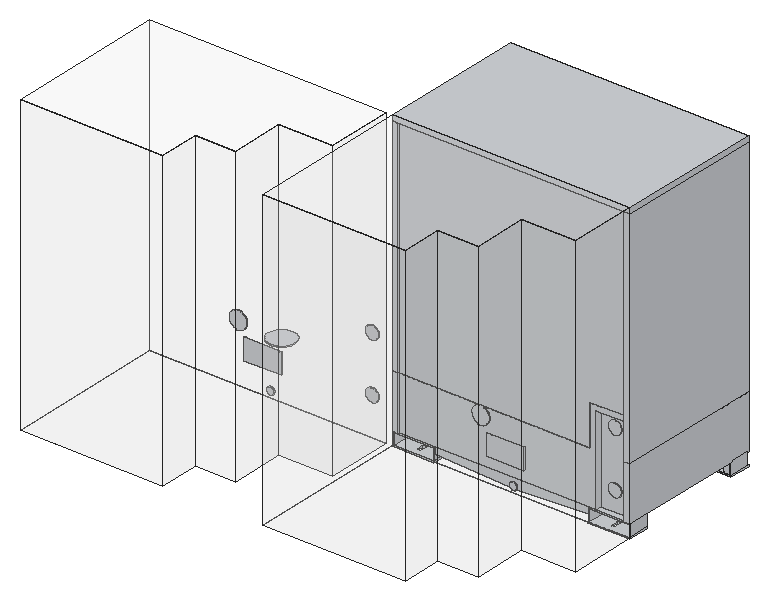
Revit family "pqhy-p224_1000(s)dmg9_50Hz", category 機械設備, Revit 2019 (continued)
Definition of nested family "outline_w"
  Lines and regions (mm)
    model lines, not visible, detail levels fine
      curve 20: line (460, -132.596, 1283.175) -> (460, -132.596, 1062.059)
      curve 21: line (460, 178.667, 1046.051) -> (460, 297.73, 1046.051)
      curve 22: line (460, 178.667, 812.928) -> (460, 178.667, 1046.051)
      curve 23: line (460, 297.73, 812.928) -> (460, 178.667, 812.928)
      curve 24: line (460, 297.73, 1046.051) -> (460, 297.73, 812.928)
      curve 25: line (460, 47.598, 1046.051) -> (460, 166.661, 1046.051)
      curve 26: line (460, 47.598, 812.928) -> (460, 47.598, 1046.051)
      curve 27: line (460, 166.661, 812.928) -> (460, 47.598, 812.928)
      curve 28: line (460, 166.661, 1046.051) -> (460, 166.661, 812.928)
      curve 29: line (460, -83.471, 1046.051) -> (460, 35.592, 1046.051)
      curve 30: line (460, -83.471, 812.928) -> (460, -83.471, 1046.051)
      curve 31: line (460, 35.592, 812.928) -> (460, -83.471, 812.928)
      curve 32: line (460, 35.592, 1046.051) -> (460, 35.592, 812.928)
      curve 33: line (460, -150.779, 1046.051) -> (460, -95.75, 1046.051)
      curve 34: line (460, -150.779, 812.928) -> (460, -150.779, 1046.051)
      curve 35: line (460, -95.75, 812.928) -> (460, -150.779, 812.928)
      curve 36: line (460, -95.75, 1046.051) -> (460, -95.75, 812.928)
      curve 37: line (460, -150.779, 1040.048) -> (460, -132.596, 1040.048)
      curve 38: line (460, -150.779, 818.931) -> (460, -150.779, 1040.048)
      curve 39: line (460, -132.596, 818.931) -> (460, -150.779, 818.931)
      curve 40: line (460, -132.596, 1040.048) -> (460, -132.596, 818.931)
      curve 41: line (460, 178.667, 802.923) -> (460, 297.73, 802.923)
      curve 42: line (460, 178.667, 569.8) -> (460, 178.667, 802.923)
      curve 43: line (460, 297.73, 569.8) -> (460, 178.667, 569.8)
      curve 44: line (460, 297.73, 802.923) -> (460, 297.73, 569.8)
      curve 45: line (460, 47.598, 802.923) -> (460, 166.661, 802.923)
      curve 46: line (460, 47.598, 569.8) -> (460, 47.598, 802.923)
      curve 47: line (460, 166.661, 569.8) -> (460, 47.598, 569.8)
      curve 48: line (460, 166.661, 802.923) -> (460, 166.661, 569.8)
      curve 49: line (460, -83.471, 802.923) -> (460, 35.592, 802.923)
      curve 50: line (460, -83.471, 569.8) -> (460, -83.471, 802.923)
      curve 51: line (460, 35.592, 569.8) -> (460, -83.471, 569.8)
      curve 52: line (460, 35.592, 802.923) -> (460, 35.592, 569.8)
      curve 53: line (460, -150.779, 802.923) -> (460, -95.75, 802.923)
      curve 54: line (460, -150.779, 569.8) -> (460, -150.779, 802.923)
      curve 55: line (460, -95.75, 569.8) -> (460, -150.779, 569.8)
      curve 56: line (460, -95.75, 802.923) -> (460, -95.75, 569.8)
      curve 57: line (460, -150.779, 796.92) -> (460, -132.596, 796.92)
      curve 58: line (460, -150.779, 575.803) -> (460, -150.779, 796.92)
      curve 59: line (460, -132.596, 575.803) -> (460, -150.779, 575.803)
      curve 60: line (460, -132.596, 796.92) -> (460, -132.596, 575.803)
      curve 61: line (460, 178.667, 559.795) -> (460, 297.73, 559.795)
      curve 62: line (460, 178.667, 326.672) -> (460, 178.667, 559.795)
      curve 63: line (460, 297.73, 326.672) -> (460, 178.667, 326.672)
      curve 64: line (460, 297.73, 559.795) -> (460, 297.73, 326.672)
      curve 65: line (460, 47.598, 559.795) -> (460, 166.661, 559.795)
      curve 66: line (460, 47.598, 326.672) -> (460, 47.598, 559.795)
      curve 67: line (460, 166.661, 326.672) -> (460, 47.598, 326.672)
      curve 68: line (460, 166.661, 559.795) -> (460, 166.661, 326.672)
      curve 69: line (460, -83.471, 559.795) -> (460, 35.592, 559.795)
      curve 70: line (460, -83.471, 326.672) -> (460, -83.471, 559.795)
      curve 71: line (460, 35.592, 326.672) -> (460, -83.471, 326.672)
      curve 72: line (460, 35.592, 559.795) -> (460, 35.592, 326.672)
      curve 73: line (460, -150.779, 559.795) -> (460, -95.75, 559.795)
      curve 74: line (460, -150.779, 326.672) -> (460, -150.779, 559.795)
      curve 75: line (460, -95.75, 326.672) -> (460, -150.779, 326.672)
      curve 76: line (460, -95.75, 559.795) -> (460, -95.75, 326.672)
      curve 77: line (460, -150.779, 553.792) -> (460, -132.596, 553.792)
      curve 78: line (460, -150.779, 332.675) -> (460, -150.779, 553.792)
      curve 79: line (460, -132.596, 332.675) -> (460, -150.779, 332.675)
      curve 80: line (460, -132.596, 553.792) -> (460, -132.596, 332.675)
      curve 81: line (460, 178.667, 316.667) -> (460, 297.73, 316.667)
      curve 82: line (460, 178.667, 83.544) -> (460, 178.667, 316.667)
      curve 83: line (460, 297.73, 83.544) -> (460, 178.667, 83.544)
      curve 84: line (460, 297.73, 316.667) -> (460, 297.73, 83.544)
      curve 85: line (460, 47.598, 316.667) -> (460, 166.661, 316.667)
      curve 86: line (460, 47.598, 83.544) -> (460, 47.598, 316.667)
      curve 87: line (460, 166.661, 83.544) -> (460, 47.598, 83.544)
      curve 88: line (460, 166.661, 316.667) -> (460, 166.661, 83.544)
      curve 89: line (460, -83.471, 316.667) -> (460, 35.592, 316.667)
      curve 90: line (460, -83.471, 83.544) -> (460, -83.471, 316.667)
      curve 91: line (460, 35.592, 83.544) -> (460, -83.471, 83.544)
      curve 92: line (460, 35.592, 316.667) -> (460, 35.592, 83.544)
      curve 93: line (460, -150.779, 316.667) -> (460, -95.75, 316.667)
      curve 94: line (460, -150.779, 83.544) -> (460, -150.779, 316.667)
      curve 95: line (460, -95.75, 83.544) -> (460, -150.779, 83.544)
      curve 96: line (460, -95.75, 316.667) -> (460, -95.75, 83.544)
      curve 97: line (460, -150.779, 310.664) -> (460, -132.596, 310.664)
      curve 98: line (460, -150.779, 89.547) -> (460, -150.779, 310.664)
      curve 99: line (460, -132.596, 89.547) -> (460, -150.779, 89.547)
      curve 100: line (460, -132.596, 310.664) -> (460, -132.596, 89.547)
  Dimensions and locks
    "Depth": plane 4 to plane 5
    equal spacing: plane 4, plane 1 "中心(正面/背面)", plane 5
    "W": plane 6 to plane 14
    locked: plane 9 "本体下部" to plane 2 at 54
    plane 4 to plane 10 = 740.00 mm
    plane 11 "電源高さ" to level = 262.00 mm
    plane 8 to plane 7 = 303.00 mm
    plane 7 to plane 2 = 797.00 mm
    "Height": plane 8 to plane 2
    level to plane 12 "冷媒管高さ" = 262.00 mm
    locked: plane 9 "本体下部" to plane 13 "冷媒操作弁ガス芯4" at 1
    equal spacing: plane 6, plane 3 "中心(左/右)", plane 14
    plane 17 to level = 262.00 mm
  Automatic sketch dimensions
    plane 4 to Extrusion 1 sketch curve = 0.00 mm
    Extrusion 1 sketch curve to plane 6 = 0.00 mm
    Extrusion 1 sketch curve to plane 14 = 0.00 mm
    plane 5 to Extrusion 1 sketch curve = 0.00 mm
Types (20, lengths in mm): name | 音響パワーレベル(dB) | 電動機出力_圧縮機 | 運転質量 | 製品質量 | 熱源水量 | 消費電力_暖房 | 消費電力_冷房 | 消費電力 | 水熱交換機器　保有水量 | 最小電線太さ_mm2 | 最大電流値 | 暖房能力 | 損失水頭_熱源水一次側 | 推奨ブレーカー容量 | 冷媒液管径 | 冷媒ガス管径 | ユニット2 | 冷房能力 | 冷媒管径符号 | ユニット数 | ユニット2電源幅 | ユニット2ダクト左位置 | ユニット2水配管出口高さ | ユニット2水配管出口幅 | ユニット2水配管入口高さ | ユニット2水配管入口幅 | ユニット2冷媒液管径 | ユニット2冷媒管高さ | ユニット2冷媒管幅 | ユニット2冷媒管奥行き | ユニット2冷媒ガス管径 | ユニット2ドレン幅 | ユニット2表示 | ユニット1 | ユニット1電源幅 | ユニット1ダクト左位置 | ユニット1水配管出口高さ | ユニット1水配管出口幅 | ユニット1水配管入口高さ | ユニット1水配管入口幅 | ユニット1冷媒液管径 | ユニット1冷媒管高さ | ユニット1冷媒管幅 | ユニット1冷媒管奥行き | ユニット1冷媒ガス管径 | ユニット1ドレン幅 | モデル | URL | OUTLINE2 | OUTLINE1 | Height
  PQHY-P224DMG9 | 67 | 5.1 kW | 175.00 kg | 170.00 kg | 5.76 m³/h | 3.57 kW | 4.05 kW | 4.05 kW | 4.6 | 5.5 | 20 A | 25 kW | 24000.0 Pa | 30 A | 9.52 | 19.05 | PQHY-P-DMG② : PQHY-P400DMG9 | 22.4 kW | "Be" | 1 | 555.00 | 394.00 | 208.00 | 77.00 | 124.00 | 77.00 | 9.52 | 149.00 | 463.50 | 91.00 | 19.05 | 435.00 | no | PQHY-P-DMG① : PQHY-P224DMG9 | 555.00 | 394.00 | 208.00 | 77.00 | 124.00 | 77.00 | 9.52 | 149.00 | 463.50 | 91.00 | 19.05 | 435.00 | "PQHY-P224DMG9" | "https://www.mitsubishielectric.co.jp/ldg/wink/qr/002/332008/" | outline_w : outline_s | outline_w : outline_s | 1100.00
  PQHY-P280DMG9 | 68.5 | 7.1 kW | 175.00 kg | 170.00 kg | 5.76 m³/h | 5.43 kW | 6.46 kW | 6.46 kW | 4.6 | 8 | 31.9 A | 31.5 kW | 24000.0 Pa | 40 A | 9.52 | 22.20 | PQHY-P-DMG② : PQHY-P400DMG9 | 28 kW | "Bf" | 1 | 555.00 | 394.00 | 208.00 | 77.00 | 124.00 | 77.00 | 9.52 | 149.00 | 463.50 | 91.00 | 22.20 | 435.00 | no | PQHY-P-DMG① : PQHY-P280DMG9 | 555.00 | 394.00 | 208.00 | 77.00 | 124.00 | 77.00 | 9.52 | 149.00 | 463.50 | 91.00 | 22.20 | 435.00 | "PQHY-P280DMG9" | "https://www.mitsubishielectric.co.jp/ldg/wink/qr/002/332009/" | outline_w : outline_s | outline_w : outline_s | 1100.00
  PQHY-P335DMG9 | 72.5 | 7.9 kW | 175.00 kg | 170.00 kg | 5.76 m³/h | 6.42 kW | 7.59 kW | 7.59 kW | 4.6 | 14 | 37.5 A | 37.5 kW | 24000.0 Pa | 40 A | 9.52 | 22.20 | PQHY-P-DMG② : PQHY-P400DMG9 | 33.5 kW | "Bf" | 1 | 555.00 | 394.00 | 208.00 | 77.00 | 124.00 | 77.00 | 9.52 | 149.00 | 463.50 | 91.00 | 22.20 | 435.00 | no | PQHY-P-DMG① : PQHY-P335DMG9 | 555.00 | 394.00 | 208.00 | 77.00 | 124.00 | 77.00 | 9.52 | 149.00 | 463.50 | 91.00 | 22.20 | 435.00 | "PQHY-P335DMG9" | "https://www.mitsubishielectric.co.jp/ldg/wink/qr/002/332010/" | outline_w : outline_s | outline_w : outline_s | 1100.00
  PQHY-P400DMG9 | 71 | 9.5 kW | 250.00 kg | 245.00 kg | 11.52 m³/h | 6.97 kW | 8.65 kW | 8.65 kW | 9.2 | 14 | 42.7 A | 45 kW | 45000.0 Pa | 50 A | 12.70 | 25.40 | PQHY-P-DMG② : PQHY-P400DMG9 | 40 kW | "Cg" | 1 | 554.00 | 393.00 | 320.00 | 82.00 | 367.00 | 82.00 | 12.70 | 254.00 | 467.50 | 82.00 | 25.40 | 434.00 | no | PQHY-P-DMG② : PQHY-P400DMG9 | 554.00 | 393.00 | 320.00 | 82.00 | 367.00 | 82.00 | 12.70 | 254.00 | 467.50 | 82.00 | 25.40 | 434.00 | "PQHY-P400DMG9" | "https://www.mitsubishielectric.co.jp/ldg/wink/qr/002/332011/" | outline_w : outline_L | outline_w : outline_L | 1450.00
  PQHY-P450DMG9 | 71 | 10.2 kW | 250.00 kg | 245.00 kg | 11.52 m³/h | 7.05 kW | 9.37 kW | 9.37 kW | 9.2 | 14 | 46.3 A | 50 kW | 45000.0 Pa | 50 A | 12.70 | 28.58 | PQHY-P-DMG② : PQHY-P400DMG9 | 45 kW | "Ch" | 1 | 554.00 | 393.00 | 320.00 | 82.00 | 367.00 | 82.00 | 12.70 | 254.00 | 467.50 | 82.00 | 28.58 | 434.00 | no | PQHY-P-DMG② : PQHY-P450DMG9 | 554.00 | 393.00 | 320.00 | 82.00 | 367.00 | 82.00 | 12.70 | 254.00 | 467.50 | 82.00 | 28.58 | 434.00 | "PQHY-P450DMG9" | "https://www.mitsubishielectric.co.jp/ldg/wink/qr/002/332012/" | outline_w : outline_L | outline_w : outline_L | 1450.00
  PQHY-P500DMG9 | 71.5 | 12.3 kW | 250.00 kg | 245.00 kg | 11.52 m³/h | 8.73 kW | 11.9 kW | 11.9 kW | 9.2 | 22 | 58.8 A | 56 kW | 45000.0 Pa | 75 A | 15.88 | 28.58 | PQHY-P-DMG① : PQHY-P224DMG9 | 50 kW | "Dh" | 1 | 554.00 | 393.00 | 320.00 | 82.00 | 367.00 | 82.00 | 15.88 | 254.00 | 467.50 | 82.00 | 28.58 | 434.00 | no | PQHY-P-DMG② : PQHY-P500DMG9 | 554.00 | 393.00 | 320.00 | 82.00 | 367.00 | 82.00 | 15.88 | 254.00 | 467.50 | 82.00 | 28.58 | 434.00 | "PQHY-P500DMG9" | "https://www.mitsubishielectric.co.jp/ldg/wink/qr/002/332013/" | outline_w : outline_L | outline_w : outline_L | 1450.00
  PQHY-P560DMG9 | 72 | 13.3 kW | 250.00 kg | 245.00 kg | 11.52 m³/h | 9.93 kW | 13.9 kW | 13.9 kW | 9.2 | 22 | 64.7 A | 63 kW | 45000.0 Pa | 75 A | 15.88 | 28.58 | PQHY-P-DMG② : PQHY-P400DMG9 | 56 kW | "Dh" | 1 | 554.00 | 393.00 | 320.00 | 82.00 | 367.00 | 82.00 | 15.88 | 254.00 | 467.50 | 82.00 | 28.58 | 434.00 | no | PQHY-P-DMG② : PQHY-P560DMG9 | 554.00 | 393.00 | 320.00 | 82.00 | 367.00 | 82.00 | 15.88 | 254.00 | 467.50 | 82.00 | 28.58 | 434.00 | "PQHY-P560DMG9" | "https://www.mitsubishielectric.co.jp/ldg/wink/qr/002/332076/" | outline_w : outline_L | outline_w : outline_L | 1450.00
  PQHY-P630DMG9 | 73 | 16 kW | 250.00 kg | 245.00 kg | 11.52 m³/h | 11.8 kW | 16.6 kW | 16.6 kW | 9.2 | 22 | 64.7 A | 69 kW | 45000.0 Pa | 75 A | 15.88 | 28.58 | PQHY-P-DMG② : PQHY-P400DMG9 | 63 kW | "Dh" | 1 | 554.00 | 393.00 | 320.00 | 82.00 | 367.00 | 82.00 | 15.88 | 254.00 | 467.50 | 82.00 | 28.58 | 434.00 | no | PQHY-P-DMG② : PQHY-P630DMG9 | 554.00 | 393.00 | 320.00 | 82.00 | 367.00 | 82.00 | 15.88 | 254.00 | 467.50 | 82.00 | 28.58 | 434.00 | "PQHY-P630DMG9" | "https://www.mitsubishielectric.co.jp/ldg/wink/qr/002/332077/" | outline_w : outline_L | outline_w : outline_L | 1450.00
  PQHY-P670DMG9 | 73.5 | 16.1 kW | 250.00 kg | 245.00 kg | 11.52 m³/h | 13.7 kW | 18.1 kW | 18.1 kW | 9.2 | 22 | 64.7 A | 77.5 kW | 45000.0 Pa | 75 A | 15.88 | 28.58 | PQHY-P-DMG② : PQHY-P400DMG9 | 67 kW | "Dh" | 1 | 554.00 | 393.00 | 320.00 | 82.00 | 367.00 | 82.00 | 15.88 | 254.00 | 467.50 | 82.00 | 28.58 | 434.00 | no | PQHY-P-DMG② : PQHY-P670DMG9 | 554.00 | 393.00 | 320.00 | 82.00 | 367.00 | 82.00 | 15.88 | 254.00 | 467.50 | 82.00 | 28.58 | 434.00 | "PQHY-P670DMG9" | "https://www.mitsubishielectric.co.jp/ldg/wink/qr/002/332078/" | outline_w : outline_L | outline_w : outline_L | 1450.00
  PQHY-P450SDMG9 | 70 | 10.2 kW | 350.00 kg | 340.00 kg | 11.52 m³/h | 6.72 kW | 8.45 kW | 8.45 kW | 9.2 | 14 | 41.7 A | 50 kW | 48000.0 Pa | 50 A | 12.70 | 28.58 | PQHY-P-DMG① : PQHY-P224DMG9 | 45 kW | "Ch" | 2 | 555.00 | 394.00 | 208.00 | 77.00 | 124.00 | 77.00 | 9.52 | 149.00 | 463.50 | 91.00 | 19.05 | 435.00 | yes | PQHY-P-DMG① : PQHY-P224DMG9 | 555.00 | 394.00 | 208.00 | 77.00 | 124.00 | 77.00 | 9.52 | 149.00 | 463.50 | 91.00 | 19.05 | 435.00 | "PQHY-P450SDMG9" | "https://www.mitsubishielectric.co.jp/ldg/wink/qr/002/332079/" | outline_w : outline_s | outline_w : outline_s | 1100.00
  PQHY-P500SDMG9 | 71 | 12.2 kW | 350.00 kg | 340.00 kg | 11.52 m³/h | 8.32 kW | 10.5 kW | 10.5 kW | 9.2 | 22 | 51.9 A | 56 kW | 48000.0 Pa | 60 A | 15.88 | 28.58 | PQHY-P-DMG① : PQHY-P224DMG9 | 50 kW | "Dh" | 2 | 555.00 | 394.00 | 208.00 | 77.00 | 124.00 | 77.00 | 9.52 | 149.00 | 463.50 | 91.00 | 19.05 | 435.00 | yes | PQHY-P-DMG① : PQHY-P280DMG9 | 555.00 | 394.00 | 208.00 | 77.00 | 124.00 | 77.00 | 9.52 | 149.00 | 463.50 | 91.00 | 22.20 | 435.00 | "PQHY-P500SDMG9" | "https://www.mitsubishielectric.co.jp/ldg/wink/qr/002/332080/" | outline_w : outline_s | outline_w : outline_s | 1100.00
  PQHY-P560SDMG9 | 71.5 | 14.2 kW | 350.00 kg | 340.00 kg | 11.52 m³/h | 9.47 kW | 12.6 kW | 12.6 kW | 9.2 | 22 | 59 A | 63 kW | 48000.0 Pa | 60 A | 15.88 | 28.58 | PQHY-P-DMG① : PQHY-P280DMG9 | 56 kW | "Dh" | 2 | 555.00 | 394.00 | 208.00 | 77.00 | 124.00 | 77.00 | 9.52 | 149.00 | 463.50 | 91.00 | 22.20 | 435.00 | yes | PQHY-P-DMG① : PQHY-P280DMG9 | 555.00 | 394.00 | 208.00 | 77.00 | 124.00 | 77.00 | 9.52 | 149.00 | 463.50 | 91.00 | 22.20 | 435.00 | "PQHY-P560SDMG9" | "https://www.mitsubishielectric.co.jp/ldg/wink/qr/002/332081/" | outline_w : outline_s | outline_w : outline_s | 1100.00
  PQHY-P630SDMG9 | 74 | 15 kW | 350.00 kg | 340.00 kg | 11.52 m³/h | 11.4 kW | 14.4 kW | 14.4 kW | 9.2 | 38 | 71.1 A | 69 kW | 48000.0 Pa | 75 A | 15.88 | 28.58 | PQHY-P-DMG① : PQHY-P280DMG9 | 63 kW | "Dh" | 2 | 555.00 | 394.00 | 208.00 | 77.00 | 124.00 | 77.00 | 9.52 | 149.00 | 463.50 | 91.00 | 22.20 | 435.00 | yes | PQHY-P-DMG① : PQHY-P335DMG9 | 555.00 | 394.00 | 208.00 | 77.00 | 124.00 | 77.00 | 9.52 | 149.00 | 463.50 | 91.00 | 22.20 | 435.00 | "PQHY-P630SDMG9" | "https://www.mitsubishielectric.co.jp/ldg/wink/qr/002/332082/" | outline_w : outline_s | outline_w : outline_s | 1100.00
  PQHY-P670SDMG9 | 75.5 | 15.8 kW | 350.00 kg | 340.00 kg | 11.52 m³/h | 13.2 kW | 15.2 kW | 15.2 kW | 9.2 | 38 | 75.1 A | 77.5 kW | 48000.0 Pa | 100 A | 15.88 | 28.58 | PQHY-P-DMG① : PQHY-P335DMG9 | 67 kW | "Dh" | 2 | 555.00 | 394.00 | 208.00 | 77.00 | 124.00 | 77.00 | 9.52 | 149.00 | 463.50 | 91.00 | 22.20 | 435.00 | yes | PQHY-P-DMG① : PQHY-P335DMG9 | 555.00 | 394.00 | 208.00 | 77.00 | 124.00 | 77.00 | 9.52 | 149.00 | 463.50 | 91.00 | 22.20 | 435.00 | "PQHY-P670SDMG9" | "https://www.mitsubishielectric.co.jp/ldg/wink/qr/002/332083/" | outline_w : outline_s | outline_w : outline_s | 1100.00
  PQHY-P730SDMG9 | 70.5 | 18 kW | 500.00 kg | 490.00 kg | 23.04 m³/h | 13.2 kW | 16 kW | 16 kW | 18.4 | 38 | 79 A | 82.5 kW | 90000.0 Pa | 100 A | 15.88 | 28.58 | PQHY-P-DMG② : PQHY-P355KDMG9 | 73 kW | "Dh" | 2 | 554.00 | 393.00 | 320.00 | 82.00 | 367.00 | 82.00 | 12.70 | 254.00 | 467.50 | 82.00 | 25.40 | 434.00 | yes | PQHY-P-DMG② : PQHY-P355KDMG9 | 554.00 | 393.00 | 320.00 | 82.00 | 367.00 | 82.00 | 12.70 | 254.00 | 467.50 | 82.00 | 25.40 | 434.00 | "PQHY-P730SDMG9" | "https://www.mitsubishielectric.co.jp/ldg/wink/qr/002/332084/" | outline_w : outline_L | outline_w : outline_L | 1450.00
  PQHY-P775SDMG9 | 74 | 19 kW | 500.00 kg | 490.00 kg | 23.04 m³/h | 14.1 kW | 17.3 kW | 17.3 kW | 18.4 | 60 | 85.5 A | 90 kW | 90000.0 Pa | 100 A | 19.05 | 31.75 | PQHY-P-DMG② : PQHY-P400DMG9 | 77.5 kW | "Ei" | 2 | 554.00 | 393.00 | 320.00 | 82.00 | 367.00 | 82.00 | 12.70 | 254.00 | 467.50 | 82.00 | 25.40 | 434.00 | yes | PQHY-P-DMG② : PQHY-P400DMG9 | 554.00 | 393.00 | 320.00 | 82.00 | 367.00 | 82.00 | 12.70 | 254.00 | 467.50 | 82.00 | 25.40 | 434.00 | "PQHY-P775SDMG9" | "https://www.mitsubishielectric.co.jp/ldg/wink/qr/002/332085/" | outline_w : outline_L | outline_w : outline_L | 1450.00
  PQHY-P850SDMG9 | 74 | 19.7 kW | 500.00 kg | 490.00 kg | 23.04 m³/h | 14.2 kW | 19.1 kW | 19.1 kW | 18.4 | 60 | 94.4 A | 95 kW | 90000.0 Pa | 100 A | 19.05 | 31.75 | PQHY-P-DMG② : PQHY-P400DMG9 | 85 kW | "Ei" | 2 | 554.00 | 393.00 | 320.00 | 82.00 | 367.00 | 82.00 | 12.70 | 254.00 | 467.50 | 82.00 | 25.40 | 434.00 | yes | PQHY-P-DMG② : PQHY-P450DMG9 | 554.00 | 393.00 | 320.00 | 82.00 | 367.00 | 82.00 | 12.70 | 254.00 | 467.50 | 82.00 | 28.58 | 434.00 | "PQHY-P850SDMG9" | "https://www.mitsubishielectric.co.jp/ldg/wink/qr/002/332086/" | outline_w : outline_L | outline_w : outline_L | 1450.00
  PQHY-P900SDMG9 | 74 | 20.4 kW | 500.00 kg | 490.00 kg | 23.04 m³/h | 14.7 kW | 20.3 kW | 20.3 kW | 18.4 | 60 | 100.3 A | 100 kW | 90000.0 Pa | 125 A | 19.05 | 31.75 | PQHY-P-DMG② : PQHY-P450DMG9 | 90 kW | "Ei" | 2 | 554.00 | 393.00 | 320.00 | 82.00 | 367.00 | 82.00 | 12.70 | 254.00 | 467.50 | 82.00 | 28.58 | 434.00 | yes | PQHY-P-DMG② : PQHY-P450DMG9 | 554.00 | 393.00 | 320.00 | 82.00 | 367.00 | 82.00 | 12.70 | 254.00 | 467.50 | 82.00 | 28.58 | 434.00 | "PQHY-P900SDMG9" | "https://www.mitsubishielectric.co.jp/ldg/wink/qr/002/332087/" | outline_w : outline_L | outline_w : outline_L | 1450.00
  PQHY-P950SDMG9 | 74.5 | 22.5 kW | 500.00 kg | 490.00 kg | 23.04 m³/h | 15.9 kW | 22.7 kW | 22.7 kW | 18.4 | 100 | 112.1 A | 106 kW | 90000.0 Pa | 125 A | 19.05 | 38.10 | PQHY-P-DMG② : PQHY-P450DMG9 | 95 kW | "Ek" | 2 | 554.00 | 393.00 | 320.00 | 82.00 | 367.00 | 82.00 | 12.70 | 254.00 | 467.50 | 82.00 | 28.58 | 434.00 | yes | PQHY-P-DMG② : PQHY-P500DMG9 | 554.00 | 393.00 | 320.00 | 82.00 | 367.00 | 82.00 | 15.88 | 254.00 | 467.50 | 82.00 | 28.58 | 434.00 | "PQHY-P950SDMG9" | "https://www.mitsubishielectric.co.jp/ldg/wink/qr/002/332088/" | outline_w : outline_L | outline_w : outline_L | 1450.00
  PQHY-P1000SDMG9 | 74.5 | 24.6 kW | 500.00 kg | 490.00 kg | 23.04 m³/h | 17.5 kW | 24.6 kW | 24.6 kW | 18.4 | 100 | 121.5 A | 112 kW | 90000.0 Pa | 150 A | 19.05 | 38.10 | PQHY-P-DMG② : PQHY-P500DMG9 | 100 kW | "Ek" | 2 | 554.00 | 393.00 | 320.00 | 82.00 | 367.00 | 82.00 | 15.88 | 254.00 | 467.50 | 82.00 | 28.58 | 434.00 | yes | PQHY-P-DMG② : PQHY-P500DMG9 | 554.00 | 393.00 | 320.00 | 82.00 | 367.00 | 82.00 | 15.88 | 254.00 | 467.50 | 82.00 | 28.58 | 434.00 | "PQHY-P1000SDMG9" | "https://www.mitsubishielectric.co.jp/ldg/wink/qr/002/332089/" | outline_w : outline_L | outline_w : outline_L | 1450.00
